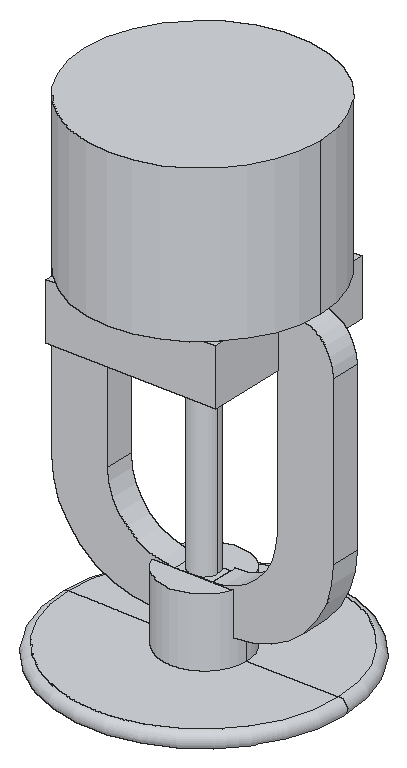
Revit family
Parameters (values of type "RASCO F1-300 PENDENT")
  Temperature Rating = 286 °F
  Response = (empty or 0)
  RASCO SIN # = "R5512"
  RASCO Part # = "FP3LB3"
  Pressure Rating = "300 PSI"
  Pressure Class = 1
  Orifice Size = 17/32"
  Orifice = (empty or 0)
  Model = "F1-300"
  Manufacturer = "RASCO"
  K-Factor = 8
  Description = "Bronze Finish"
  Coverage = (empty or 0)
Reference planes (in)
  plane 1 "Center (Front/Back)": y = 0
  plane 2: z = 0
  plane 3 "Center (Left/Right)": x = 0
Dimensions and locks (in)
  aligned and locked: plane 2 to level
Nested families (in)
  nested 1: "FP3LB3" at (-0.01148, 0, 2.4375) x (-1, 0, 0) z (0, 0, -1), type "RASCO F1-300 PENDENT"
Connectors (in)
  piping at (-0.01148, 0, 2.4375)
    settings: on nested 1, index 1, connector radius 1/2", flow factor 0, pipe flow 0 GPM, pressure drop 0.00 psi, fitting loss kfactor 0, connector angle 0.00°, fixture units 0, flow configuration 0, flow direction 0, fitting loss method 0, system type 7, connector reference index -1, connector utility 0, adjustable connector no, is connector primary yes, fitting loss table "", connector description ""
Definition of nested family "FP3LB3"
  Parameters (values of type "RASCO F1-300 PENDENT")
    Type Comments = ""
    Temperature Rating = 0 °F
    Response = (empty or 0)
    Pressure Rating = "0"
    Pressure Class = (empty or 0)
    Orifice Size = 0"
    Orifice = (empty or 0)
    Model = ""
    Manufacturer = ""
    K-Factor = 0
    Description = ""
    Coverage = (empty or 0)
    Assembly Code = ""
  Reference planes (in)
    plane 1 "Center (Front/Back)": y = 0
    plane 2: z = 0
    plane 3 "ref.2": z = 0.6875
    plane 4 "ref.3": z = 0.9375
    plane 5: x = -0.38065
    plane 6: x = 0.36935
    plane 7 "ref. side 1": y = 0.06402
    plane 8 "ref. side 2": y = -0.06098
    plane 9 "ref.4": z = 1.875
    plane 10 "ref.5": z = 2.3125
    plane 11 "ref.6": z = 2.4375
  Forms (in)
    Extrusion 1, solid
      sketch origin (0, 0, 0) x (1, 0, 0) y (0, 1, 0)
        loop
          circle (0, 0) r 0.5221
      from 0 to 0.6875
    Extrusion 2, solid
      sketch origin (-0.12185, 0.05177, 0.6875) x (1, 0, 0) y (0, 1, 0)
        loop
          line (-0.2588, 0.356) -> (-0.2588, -0.4565) -> (0.4912, -0.4565) -> (0.4912, 0.356) -> (-0.2588, 0.356)
      from 0 to 0.25
    Extrusion 3, solid
      sketch origin (0, 0, 0) x (1, 0, 0) y (0, 0, 1)
        loop
          line (-0.38065, 0.69674) -> (-0.38065, 1.58397)
          arc (-0.38065, 1.58397) -> (-0.29541, 1.78976) -> (-0.08962, 1.875) r 0.29103
          line (-0.08962, 1.875) -> (0.07524, 1.875)
          arc (0.07524, 1.875) -> (0.28321, 1.78886) -> (0.36935, 1.58089) r 0.29411
          line (0.36935, 1.58089) -> (0.36935, 0.69728)
          arc (0.36935, 0.69728) -> (0.54046, 0.72329) -> (0.61935, 0.87734) r 0.18984
          line (0.61935, 0.87734) -> (0.61935, 1.61676)
          arc (0.61935, 1.61676) -> (0.48879, 1.93194) -> (0.17361, 2.0625) r 0.44574
          line (0.17361, 2.0625) -> (-0.18509, 2.0625)
          arc (-0.18509, 2.0625) -> (-0.50015, 1.932) -> (-0.63065, 1.61694) r 0.44556
          line (-0.63065, 1.61694) -> (-0.63065, 0.87876)
          arc (-0.63065, 0.87876) -> (-0.55196, 0.72414) -> (-0.38065, 0.69674) r 0.19126
      from -0.06402 to 0.06098
    Extrusion 4, solid
      sketch origin (0, 0, 0.9375) x (-1, 0, 0) y (0, -1, 0)
        loop
          circle (0.00574, -0.00152) r 0.0625
      from 0 to 0.9375
    Extrusion 5, solid
      sketch origin (0, 0, 1.875) x (-1, 0, 0) y (0, -1, 0)
        loop
          circle (0.00574, -0.00152) r 0.1875
      from 0 to 0.4375
    Revolve 6, solid
      sketch origin (0, 0, -0.2777) x (1, 0, 0) y (0, 0, 1)
        loop
          line (-0.19324, 2.4552) -> (-0.19324, 2.52696) -> (-0.60518, 2.52696)
          arc (-0.60518, 2.52696) -> (-0.64106, 2.49108) -> (-0.60518, 2.4552) r 0.03588
          line (-0.60518, 2.4552) -> (-0.19324, 2.4552)
        axis (-0.00574, 2.4552) -> (-0.00574, 2.52696)
      angle from 0 to 360
  Cuts and joins
    joined: Extrusion 1, Extrusion 2, Extrusion 4, Revolve 6
  Lines and regions (in)
    model lines
      curve 1: line (-0.00574, 0.06402, 1.875) -> (-0.00574, -0.06098, 1.875)
  Dimensions and locks (in)
    Extrusion 3 to Extrusion 3 = 0' - 1 1/4"
    Extrusion 5 to cut or joined group of Extrusion 1, Extrusion 2, Extrusion 4, Revolve 6 = 0' - 2 5/16"
